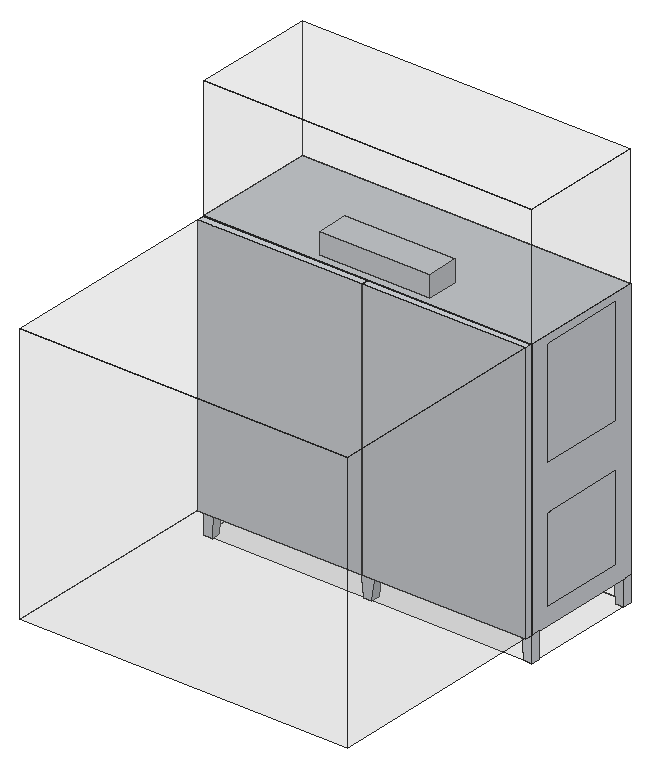
Revit family "AHU 3 _6", category Mechanické zařízení, Revit 2018
Family settings
  Kóta kulaté spojky = Použít průměr
  Typ dílu = Normální
  Číslo OmniClass = 23.75.00.00
  Nadpis OmniClass = Climate Control (HVAC)
  Založené na pracovní rovině = Ne
  Vždy vertikální = Ano
  Ořezat dutým tvarem při načtení = Ne
  Sdílené = Ne
  Bod výpočtu místnosti = Ne
Parameters (values of type "DUPLEXVENT Flexi (3G) DV3500 (RD5)")
  Width [instance] = 0.78 mm
  Weight [instance] = 343.00 kg
  URL = ""
  Type [instance] = "DUPLEXVENT Flexi (3G) DV3500 (RD5)"
  Total_SFP [instance] = 0
  Supply_outlet_hum [instance] = 24.8
  Supply_inlet_hum [instance] = 90
  Supply_ext_pressure [instance] = 200.0 Pa
  Supply_SFP [instance] = 0
  Source_adu_file [instance] = "C:\\\\Users\\\\dgavril\\\\OneDrive - Airflow Developments Ltd\\\\Desktop\\\\adu durley chine V4.adu"
  Recuperation_type [instance] = "Plate heat recovery exchanger"
  Recuperation_efficiency_EN308 [instance] = 82.6
  Project_name [instance] = "Durley Chine Passivhaus"
  Project_date [instance] = "13-08-2021"
  Power_supply_fusing [instance] = "0"
  Power_supply_cable [instance] = "0"
  Position [instance] = "AHU 3 "
  Phases_count [instance] = 3
  Panel_thickness [instance] = 0.06 mm
  Outer_surface [instance] = "RAL 9002"
  Length [instance] = 1.95 mm
  Insulation_type [instance] = "PUR"
  Insulation_thickness [instance] = 0.05 mm
  Installation_environment [instance] = ""
  Input_power_max [instance] = 5000 W
  Inner_surface [instance] = "Pozink"
  I2 [instance] = I1  # 0.0 L/s
  Height [instance] = 1.55 mm
  Exhaust_outlet_hum [instance] = 96.4
  Exhaust_inlet_hum [instance] = 40
  Exhaust_ext_pressure [instance] = 200.0 Pa
  Exhaust_SFP [instance] = 0
  E1 [instance] = E2 - M1  # 0.0 L/s
  E2 [instance] = 0.0 L/s
  I1 [instance] = 0.0 L/s
  Description = ""
  M1 [instance] = 0.0 L/s
  Device_dutypoint_version [instance] = "28"
  Device_design_version [instance] = "92"
  Device_adu_id [instance] = "6"
  Current_max [instance] = 7.6 A
  Casing_mat [instance] = "painted zinc layer"
  Cable type [instance] = "CYKY 5Jx2,5"
Reference planes
  plane 1 "Střed (vpředu/vzadu)": y = 0
  plane 2 "ref": z = 0
  plane 3 "Střed (vlevo/vpravo)": x = 0
Forms (mm)
  Sweep 1, solid
    path origin (0, 0, 0) x (0, 0, 1) y (1, 0, 0)
      loop
        line (0, 0) -> (1550, 0)
    profile origin (0, 0, 0) x (1, 0, 0) y (0, 1, 0)
      loop
        line (0, 0) -> (1950, 0) -> (1950, 735) -> (0, 735) -> (0, 0)
  Sweep 2, solid
    path origin (0, 0, 0) x (0, 0, 1) y (1, 0, 0)
      loop
        line (0, 0) -> (1550, 0)
    profile origin (0, 0, 0) x (1, 0, 0) y (0, 1, 0)
      loop
        line (0, 0) -> (0, -45) -> (1950, -45) -> (1950, 0) -> (0, 0)
  Sweep 3, solid
    path origin (1, 365, 355) x (0, 1, 0) y (-1, 0, 0)
      loop
        line (0, 0) -> (0, 1)
    profile origin (1, 365, 355) x (0, -1, 0) y (0, 0, 1)
      loop
        line (-250, -250) -> (250, -250) -> (250, 250) -> (-250, 250) -> (-250, -250)
  Sweep 4, solid
    path origin (1949, 365, 1190) x (1, 0, 0) y (0, 1, 0)
      loop
        line (0, 0) -> (1, 0)
    profile origin (1949, 365, 1190) x (0, 1, 0) y (0, 0, 1)
      loop
        line (-250, 315) -> (-250, -315) -> (250, -315) -> (250, 315) -> (-250, 315)
  Sweep 5, solid
    path origin (1949, 365, 355) x (1, 0, 0) y (0, 1, 0)
      loop
        line (0, 0) -> (1, 0)
    profile origin (1949, 365, 355) x (0, 1, 0) y (0, 0, 1)
      loop
        line (-250, 250) -> (-250, -250) -> (250, -250) -> (250, 250) -> (-250, 250)
  Sweep 6, solid
    path origin (1, 365, 1190) x (0, 1, 0) y (-1, 0, 0)
      loop
        line (0, 0) -> (0, 1)
    profile origin (1, 365, 1190) x (0, -1, 0) y (0, 0, 1)
      loop
        line (-250, -315) -> (250, -315) -> (250, 315) -> (-250, 315) -> (-250, -315)
  Sweep 7, solid
    path origin (750, 147, 0) x (0, -1, 0) y (0, 0, 1)
      loop
        line (0, 0) -> (0, -30)
    profile origin (750, 147, 0) x (-1, 0, 0) y (0, -1, 0)
      loop
        circle (0, 0) r 16
  Sweep 8, solid, material "Servisní prostor"
    path origin (0, 0, 0) x (0, 0, 1) y (1, 0, 0)
      loop
        line (0, 0) -> (1550, 0)
    profile origin (0, 0, 0) x (1, 0, 0) y (0, 1, 0)
      loop
        line (0, -1370) -> (1950, -1370) -> (1950, -45) -> (0, -45) -> (0, -1370)
  Sweep 9, solid, material "Servisní prostor"
    path origin (0, 0, 1550) x (0, 0, 1) y (1, 0, 0)
      loop
        line (0, 0) -> (720, 0)
    profile origin (0, 0, 1550) x (1, 0, 0) y (0, 1, 0)
      loop
        line (0, 0) -> (1950, 0) -> (1950, 735) -> (0, 735) -> (0, 0)
  Sweep 10, solid, material "Servisní prostor"
    path origin (0, 0, -150) x (0, 0, 1) y (1, 0, 0)
      loop
        line (0, 0) -> (150, 0)
    profile origin (0, 0, -150) x (1, 0, 0) y (0, 1, 0)
      loop
        line (0, 735) -> (0, 0) -> (1950, 0) -> (1950, 735) -> (0, 735)
  Sweep 11, solid
    path origin (0, 0, 0) x (0, 0, 1) y (1, 0, 0)
      loop
        line (0, 0) -> (1550, 0)
    profile origin (0, 0, 0) x (1, 0, 0) y (0, 1, 0)
      loop
        line (0, -45) -> (975, -45) -> (975, -5) -> (0, -5) -> (0, -45)
  Sweep 12, solid
    path origin (0, 0, 0) x (0, 0, 1) y (1, 0, 0)
      loop
        line (0, 0) -> (1550, 0)
    profile origin (0, 0, 0) x (1, 0, 0) y (0, 1, 0)
      loop
        line (975, -45) -> (1950, -45) -> (1950, -5) -> (975, -5) -> (975, -45)
  Sweep 13, solid
    path origin (25, 50, 0) x (1, 0, 0) y (0, 1, 0)
      loop
        line (0, 0) -> (0, -50)
    profile origin (25, 50, 0) x (1, 0, 0) y (0, 0, 1)
      loop
        line (-25, 0) -> (-25, -150) -> (25, -150) -> (35, 0) -> (-25, 0)
  Sweep 14, solid
    path origin (1925, 50, 0) x (1, 0, 0) y (0, 1, 0)
      loop
        line (0, 0) -> (0, -50)
    profile origin (1925, 50, 0) x (1, 0, 0) y (0, 0, 1)
      loop
        line (-35, 0) -> (-25, -150) -> (25, -150) -> (25, 0) -> (-35, 0)
  Sweep 15, solid
    path origin (25, 735, 0) x (1, 0, 0) y (0, 1, 0)
      loop
        line (0, 0) -> (0, -50)
    profile origin (25, 735, 0) x (1, 0, 0) y (0, 0, 1)
      loop
        line (-25, 0) -> (-25, -150) -> (25, -150) -> (35, 0) -> (-25, 0)
  Sweep 16, solid
    path origin (1925, 735, 0) x (1, 0, 0) y (0, 1, 0)
      loop
        line (0, 0) -> (0, -50)
    profile origin (1925, 735, 0) x (1, 0, 0) y (0, 0, 1)
      loop
        line (-35, 0) -> (-25, -150) -> (25, -150) -> (25, 0) -> (-35, 0)
  Sweep 17, solid
    path origin (975, 50, 0) x (1, 0, 0) y (0, 1, 0)
      loop
        line (0, 0) -> (0, -50)
    profile origin (975, 50, 0) x (1, 0, 0) y (0, 0, 1)
      loop
        line (-45, 0) -> (-25, -150) -> (25, -150) -> (45, 0) -> (-45, 0)
  Sweep 18, solid
    path origin (975, 735, 0) x (1, 0, 0) y (0, 1, 0)
      loop
        line (0, 0) -> (0, -50)
    profile origin (975, 735, 0) x (1, 0, 0) y (0, 0, 1)
      loop
        line (-45, 0) -> (-25, -150) -> (25, -150) -> (45, 0) -> (-45, 0)
  Sweep 19, solid
    path origin (0, 0, 1550) x (0, 0, 1) y (1, 0, 0)
      loop
        line (0, 0) -> (125, 0)
    profile origin (0, 0, 1550) x (1, 0, 0) y (0, 1, 0)
      loop
        line (650, 45) -> (1305, 45) -> (1305, 235) -> (650, 235) -> (650, 45)
  Sweep 20, solid
    path origin (650, 140, 1613) x (0, 0, -1) y (1, 0, 0)
      loop
        line (0, 0) -> (0, -1)
    profile origin (650, 140, 1613) x (0, 0, -1) y (0, -1, 0)
      loop
        circle (0, 0) r 10
Lines and regions (mm)
  model lines, style "Symbol"
    curve 1: line (1000, -45, 0) -> (1000, -45, 310)
    curve 2: line (1000, -45, 1550) -> (1000, -45, 1240)
    curve 3: line (0, -45, 775) -> (535, -45, 775)
    curve 4: line (1950, -45, 775) -> (1465, -45, 775)
    curve 5: line (535, -45, 775) -> (767, -45, 1240)
    curve 6: line (767, -45, 1240) -> (1232, -45, 1240)
    curve 7: line (1232, -45, 1240) -> (1465, -45, 775)
    curve 8: line (1465, -45, 775) -> (1232, -45, 310)
    curve 9: line (1232, -45, 310) -> (1000, -45, 310)
    curve 10: line (1000, -45, 310) -> (767, -45, 310)
    curve 11: line (767, -45, 310) -> (535, -45, 775)
    curve 12: line (1609, -45, 1273) -> (1857, -45, 1231)
    curve 13: line (1609, -45, 1052) -> (1857, -45, 1094)
    curve 14: line (341, -45, 1052) -> (93, -45, 1094)
    curve 15: line (341, -45, 1273) -> (93, -45, 1231)
    curve 16: line (175, -45, 155) -> (175, -45, 620)
    curve 17: line (175, -45, 620) -> (292, -45, 620)
    curve 18: line (292, -45, 620) -> (292, -45, 155)
    curve 19: line (292, -45, 155) -> (175, -45, 155)
    curve 20: line (234, -45, 155) -> (292, -45, 388)
    curve 21: line (234, -45, 620) -> (292, -45, 388)
    curve 22: line (1774, -45, 620) -> (1774, -45, 155)
    curve 23: line (1774, -45, 155) -> (1657, -45, 155)
    curve 24: line (1657, -45, 155) -> (1657, -45, 620)
    curve 25: line (1657, -45, 620) -> (1774, -45, 620)
    curve 26: line (1716, -45, 620) -> (1657, -45, 388)
    curve 27: line (1716, -45, 155) -> (1657, -45, 388)
    curve 28: line (684, -45, 271) -> (472, -45, 686)
    curve 29: line (472, -45, 686) -> (541, -45, 721)
    curve 30: line (541, -45, 721) -> (753, -45, 306)
    curve 31: line (753, -45, 306) -> (684, -45, 271)
    curve 32: line (557, -45, 537) -> (584, -45, 621)
    curve 33: line (641, -45, 371) -> (668, -45, 455)
    curve 34: line (0, -45, 0) -> (975, -45, 0)
    curve 35: line (0, -45, 1550) -> (975, -45, 1550)
    curve 36: line (0, -45, 0) -> (0, -45, 1550)
    curve 37: line (975, -45, 0) -> (975, -45, 1550)
    curve 38: line (0, -45, 0) -> (0, -5, 0)
    curve 39: line (975, -45, 0) -> (975, -5, 0)
    curve 40: line (0, -45, 1550) -> (0, -5, 1550)
    curve 41: line (975, -45, 1550) -> (975, -5, 1550)
    curve 42: line (975, -45, 0) -> (1950, -45, 0)
    curve 43: line (975, -45, 1550) -> (1950, -45, 1550)
    curve 44: line (975, -45, 0) -> (975, -45, 1550)
    curve 45: line (1950, -45, 0) -> (1950, -45, 1550)
    curve 46: line (975, -45, 0) -> (975, -5, 0)
    curve 47: line (1950, -45, 0) -> (1950, -5, 0)
    curve 48: line (975, -45, 1550) -> (975, -5, 1550)
    curve 49: line (1950, -45, 1550) -> (1950, -5, 1550)
    curve 50: circle (1718, -45, 1163) r 155 normal (0, -1, 0)
    curve 51: circle (233, -45, 1163) r 155 normal (0, -1, 0)
    curve 52: circle (570, -45, 579) r 12 normal (0, -1, 0)
    curve 53: circle (655, -45, 413) r 12 normal (0, -1, 0)
Dimensions and locks
  aligned and locked: level to plane 2 "ref"
Connectors
  hvac at (0, 365, 355), driven by "E1"
    settings: on Sweep 3, index 1, duct flow 0.0 L/s, flow factor 0, pres drop 0.0 Pa, loss coef 0, conn angle 0.00°, conn width 500 mm, conn height 500 mm, conn diameter 609.6 mm, duct sys type 1, conn prof type 1, flow config 1, flow direction 1, loss method 0, conn ref index -1, conn util no, is conn primary yes, conn desc ""
  hvac at (1950, 365, 1190), driven by "E2"
    settings: on Sweep 4, index 2, duct flow 0.0 L/s, flow factor 1, pres drop 0.0 Pa, loss coef 0, conn angle 0.00°, conn width 500 mm, conn height 630 mm, conn diameter 609.6 mm, duct sys type 1, conn prof type 1, flow config 2, flow direction 2, loss method 0, conn ref index -1, conn util no, is conn primary no, conn desc ""
  hvac at (1950, 365, 355), driven by "I1"
    settings: on Sweep 5, index 3, duct flow 0.0 L/s, flow factor 1, pres drop 0.0 Pa, loss coef 0, conn angle 0.00°, conn width 500 mm, conn height 500 mm, conn diameter 609.6 mm, duct sys type 3, conn prof type 1, flow config 2, flow direction 1, loss method 0, conn ref index -1, conn util no, is conn primary no, conn desc ""
  hvac at (0, 365, 1190), driven by "I2"
    settings: on Sweep 6, index 4, duct flow 0.0 L/s, flow factor 0, pres drop 0.0 Pa, loss coef 0, conn angle 0.00°, conn width 500 mm, conn height 630 mm, conn diameter 609.6 mm, duct sys type 3, conn prof type 1, flow config 1, flow direction 2, loss method 0, conn ref index -1, conn util no, is conn primary no, conn desc ""
  piping at (750, 147, -30), diameter 22
    settings: on Sweep 7, index 5, connector inside diameter 609.6 mm, connector length 0 mm, flow factor 0, pipe flow 0.0 L/s, pressure drop 0.0 Pa, fitting loss kfactor 0, connector angle 0.00°, fixture units 0, engagement length 0 mm, angle of deflection 0.00°, flow configuration 1, flow direction 2, fitting loss method 0, system type 16, joint type 0, gender type 0, connector reference index -1, connector utility 0, adjustable connector no, is connector primary yes, connector description ""
  electrical at (649, 140, 1613)
    settings: on Sweep 20, index 6, voltage 400 V, apparent load 0 VA, apparent load phase1 0 VA, apparent load phase2 0 VA, apparent load phase3 0 VA, power factor 1, load classification "Další", number of poles 3, system type 31, power factor state 1, is connector primary yes, connector utility no, sub classification motor no, connector description ""
